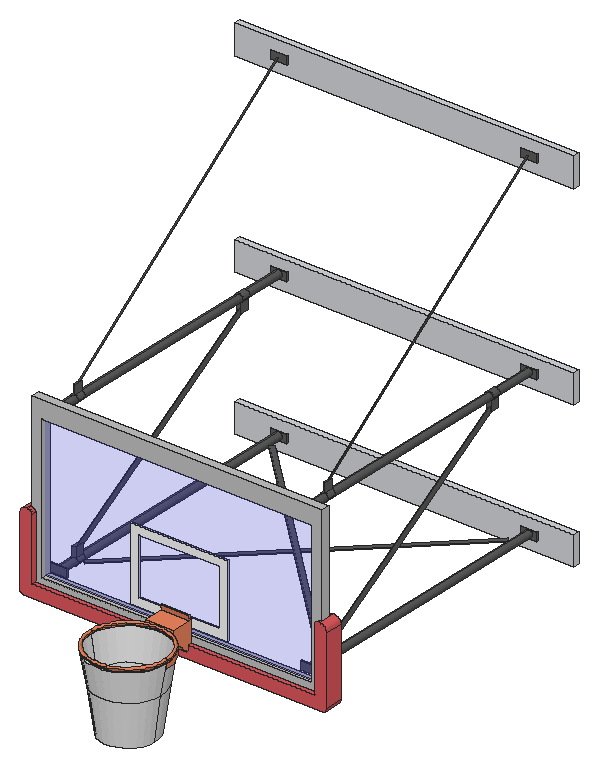
Revit family "Gymnasium-Eqpt_Basketball_IPIbyBison_IP10WB", category Specialty Equipment, Revit 2023
Family settings
  Round Connector Dimension = Use Diameter
  Part Type = Normal
  Work Plane-Based = Yes
  Enable Cutting in Views = No
  Always vertical = No
  Cut with Voids When Loaded = No
  Maintain Annotation Orientation = No
  Shared = No
  Room Calculation Point = No
Parameters (values of type "Wall Mounted Stationary")
  wall distance text = "1 to 10 ft from Wall"
  cablecontrol [instance] = 0' - 8"  # constant formula
  Warranty Duration (Years) = 0
  Unit Width = 7' - 0"
  Unit Height [instance] = Stringer Height_First + 0' 2"  # 10' - 0"
  Unit Depth = 2' - 8"
  URL = "https://ipibybison.com/"
  Stringer Wood [instance] = none
  Stringer Height_Third [instance] = 4' - 0"
  Stringer Height_Second [instance] = 3' - 0"
  Stringer Height_First [instance] = 9' - 10"
  Specification = ""
  SpecWizard = ""
  Send Message = ""
  Sales Information = "https://ipibybison.com/ArchitectsPage.php"
  Rim Color [instance] = Plastic - IPI by Bison - Orange OR
  Revision = "R1_01-2018"
  Range of Wall Distance [instance] = wall distance text  # "1 to 10 ft from Wall"
  Product Properties = ""
  Product Data = "http://www.arcat.com/arcatcos/cos49/arc49571.html"
  Net Color [instance] = Finish - IPI by Bison - White Netting
  Model = "IP10WB"
  Manufacturer Website = "https://ipibybison.com/"
  Manufacturer Phone - Toll Free = "800-637-7968"
  Manufacturer Phone = ""
  Manufacturer Fax = "800-638-0698"
  Manufacturer Address = "603 L St  Lincoln, NE 68508"
  Manufacturer = "IPI by Bison"
  Maintenance Schedule (Months) = 0
  Keynote = ""
  Installation-Fabrication = ""
  Installation Phase = ""
  Green Building-LEED = ""
  Glass [instance] = Glass
  Frame Finish [instance] = Finish - IPI by Bison - Black
  ExtReinforce [instance] = Backboard Distance from Wall > 2' 0"  # yes
  Expected Lifespan (Years) = 0
  Drawn By = "Sumex Design, Inc. / Robert S. Weygant, CSI, CDT, SCIP"
  Description = "IPI by Bison Wall Mounted Fixed Basketball Backboard - IP10WB as Specified"
  Default Elevation = 0' - 0"
  Copyright = "©Arcat Inc."
  Construction Details = ""
  Backboard Square Color [instance] = Finish - IPI by Bison - White
  Backboard Padding Color [instance] = Plastic - IPI by Bison - Scarlet SC
  Backboard Distance from Wall [instance] = 6' - 0"
  Backboard Color [instance] = Finish - IPI by Bison - Satin Aluminum
  Assembly Code = ""
Reference planes (in)
  plane 1 "Center (Front/Back)": y = 0
  plane 2 "Bottom": z = 0
  plane 3 "Center (Left/Right)": x = 0
  plane 4 "Left": x = -42
  plane 5 "Right": x = 42
  plane 6 "Top": z = 120
  plane 7: y = -72
  plane 8: y = -59.5813
  plane 9: z = 118
  plane 10: z = 154
  plane 11: z = 202
  plane 12: x = -31.00488
  plane 13: x = 31.00488
  plane 14: y = -69.5
  plane 15: y = -64
  plane 16: y = -6
Forms (in)
  Extrusion 1, solid, material <- "Stringer Wood"
    sketch origin (0, 0, 0) x (0, 1, 0) y (0, 0, 1)
      loop
        line (0, 198.375) -> (0, 205.625) -> (-1.5, 205.625) -> (-1.5, 198.375) -> (0, 198.375)
      loop
        line (0, 150.375) -> (0, 157.625) -> (-1.5, 157.625) -> (-1.5, 150.375) -> (0, 150.375)
      loop
        line (0, 114.375) -> (0, 121.625) -> (-1.5, 121.625) -> (-1.5, 114.375) -> (0, 114.375)
    from -42 to 42
  Extrusion 2, solid, material "Finish - IPI by Bison - Black" <- "Frame Finish"
    sketch origin (-31.00488, -180, 220.71867) x (0, 0, 1) y (0, -1, 0)
      loop
        line (-67.71867, -110.25) -> (-67.71867, -110.5) -> (-65.71867, -110.5) -> (-65.71867, -110.25) -> (-67.71867, -110.25)
      loop
        line (-101.71867, -110.25) -> (-103.71867, -110.25) -> (-103.71867, -110.5) -> (-101.71867, -110.5) -> (-101.71867, -110.25)
      loop
        line (-67.71867, -178.5) -> (-65.71867, -178.5) -> (-65.71867, -178.25) -> (-67.71867, -178.25) -> (-67.71867, -178.5)
      loop
        line (-103.71867, -178.5) -> (-101.71867, -178.5) -> (-101.71867, -178.25) -> (-103.71867, -178.25) -> (-103.71867, -178.5)
      loop
        line (-19.71867, -178.5) -> (-17.71867, -178.5) -> (-17.71867, -178.25) -> (-19.71867, -178.25) -> (-19.71867, -178.5)
    from 2 to -2
  Extrusion 3, solid, material "Finish - IPI by Bison - Black" <- "Frame Finish"
    sketch origin (31.00488, -180, 220.71867) x (0, 0, 1) y (0, -1, 0)
      loop
        line (-65.71867, -110.25) -> (-67.71867, -110.25) -> (-67.71867, -110.5) -> (-65.71867, -110.5) -> (-65.71867, -110.25)
      loop
        line (-103.71867, -110.25) -> (-103.71867, -110.5) -> (-101.71867, -110.5) -> (-101.71867, -110.25) -> (-103.71867, -110.25)
      loop
        line (-103.71867, -178.25) -> (-103.71867, -178.5) -> (-101.71867, -178.5) -> (-101.71867, -178.25) -> (-103.71867, -178.25)
      loop
        line (-67.71867, -178.25) -> (-67.71867, -178.5) -> (-65.71867, -178.5) -> (-65.71867, -178.25) -> (-67.71867, -178.25)
      loop
        line (-19.71867, -178.25) -> (-19.71867, -178.5) -> (-17.71867, -178.5) -> (-17.71867, -178.25) -> (-19.71867, -178.25)
    from 2 to -2
  Extrusion 4, solid, material "Finish - IPI by Bison - Black" <- "Frame Finish"
    sketch origin (31.00488, -1.75, 153) x (0, 0, 1) y (-1, 0, 0)
      loop
        circle (1, 62.00977) r 0.875
      loop
        circle (-35, 62.00977) r 0.875
      loop
        circle (1, 0) r 0.875
      loop
        circle (-35, 0) r 0.875
    from 0 to 67.75
  Extrusion 5, solid, material "Finish - IPI by Bison - Black" <- "Frame Finish"
    sketch origin (0, -64, 159.04229) x (0, 0, 1) y (1, 0, 0)
      loop
        line (-4.05404, 30.85203) -> (-1.80404, 30.85203) -> (-1.80404, 31.15773) -> (-4.05404, 31.15773)
        arc (-4.05404, 31.15773) -> (-6.04229, 31.00488) -> (-4.05404, 30.85203) r 1
      loop
        arc (-4.05404, -30.85203) -> (-6.04229, -31.00488) -> (-4.05404, -31.15773) r 1
        line (-4.05404, -31.15773) -> (-1.80404, -31.15773) -> (-1.80404, -30.85203) -> (-4.05404, -30.85203)
    from 1 to -1
  Sweep 6, solid, material "Finish - IPI by Bison - Black" <- "Frame Finish"
    path origin (0, 0, 0) x (0, 1, 0) y (0, 0, 1)
      loop
        line (-64, 156.75) -> (-2.09969, 202)
    profile origin (0, -33.04984, 179.375) x (0, -0.590145, 0.807297) y (1, 0, 0)
      loop
        circle (0, -31.00488) r 0.125
      loop
        circle (0, 31.00488) r 0.125
  Extrusion 7, solid, material "Finish - IPI by Bison - Black" <- "Frame Finish", visible <- "ExtReinforce"
    sketch origin (0, -64, 159.04229) x (0, 0, 1) y (1, 0, 0)
      loop
        arc (-40.23514, -30.41453) -> (-42.04229, -31.00488) -> (-40.23514, -31.59523) r 1
        line (-40.23514, -31.59523) -> (-37.80404, -31.59523) -> (-37.80404, -30.41453) -> (-40.23514, -30.41453)
      loop
        line (-40.23514, 30.41453) -> (-37.80404, 30.41453) -> (-37.80404, 31.59523) -> (-40.23514, 31.59523)
        arc (-40.23514, 31.59523) -> (-42.04229, 31.00488) -> (-40.23514, 30.41453) r 1
    from 1 to -1
  Extrusion 8, solid, material "Finish - IPI by Bison - Black" <- "Frame Finish", visible <- "ExtReinforce"
    sketch origin (0, 0, 0) x (1, 0, 0) y (0, 0, 1)
      loop
        line (30.41453, 153.19285) -> (30.41453, 150.76175) -> (31.59523, 150.76175) -> (31.59523, 153.19285)
        arc (31.59523, 153.19285) -> (31.00488, 155) -> (30.41453, 153.19285) r 1
      loop
        arc (-30.41453, 153.19285) -> (-31.00488, 155) -> (-31.59523, 153.19285) r 1
        line (-31.59523, 153.19285) -> (-31.59523, 150.76175) -> (-30.41453, 150.76175) -> (-30.41453, 153.19285)
    from 14 to 12
  Sweep 9, solid, material "Finish - IPI by Bison - Black" <- "Frame Finish", visible <- "ExtReinforce"
    path origin (0, 0, 0) x (0, 1, 0) y (0, 0, 1)
      loop
        line (-64, 120.25) -> (-13.02507, 151.44784)
    profile origin (0, -38.51254, 135.84892) x (0, -0.522016, 0.852935) y (1, 0, 0)
      loop
        line (-0.625, 31.13152) -> (-0.625, 30.88152) -> (0.625, 30.88152) -> (0.625, 31.13152) -> (-0.625, 31.13152)
      loop
        line (-0.625, -31.13152) -> (0.625, -31.13152) -> (0.625, -30.88152) -> (-0.625, -30.88152) -> (-0.625, -31.13152)
  Sweep 10, solid, material "Finish - IPI by Bison - Black" <- "Frame Finish", visible <- "ExtReinforce"
    path origin (0, 0, 0) x (1, 0, 0) y (0, 1, 0)
      loop
        line (-29.25488, -6) -> (29.256, -64)
    profile origin (0.00056, -35, 0) x (0.703999, 0.710201, 0) y (0, 0, 1)
      loop
        line (-0.625, 118) -> (0.625, 118) -> (0.625, 118.25) -> (-0.625, 118.25) -> (-0.625, 118)
  Sweep 11, solid, material "Finish - IPI by Bison - Black" <- "Frame Finish", visible <- "ExtReinforce"
    path origin (0, 0, 0) x (-1, 0, 0) y (0, 1, 0)
      loop
        line (-29.25488, -6) -> (29.256, -64)
    profile origin (-0.00056, -35, 0) x (0.703999, -0.710201, 0) y (0, 0, 1)
      loop
        line (-0.65618, 118) -> (-0.65618, 117.75) -> (0.59382, 117.75) -> (0.59382, 118) -> (-0.65618, 118)
Dimensions and locks (in)
  equal spacing: plane 4 "Left", plane 3 "Center (Left/Right)", plane 5 "Right"
  "Unit Width": plane 4 "Left" to plane 5 "Right"
  "Unit Height": plane 6 "Top" to level
  locked: plane 7 to plane 8 at 12.4187
  "Backboard Distance from Wall": plane 7 to plane 1 "Center (Front/Back)"
  "Stringer Height_First": plane 9 to level
  "Stringer Height_Second": plane 10 to plane 9
  "Stringer Height_Third": plane 11 to plane 10
  Extrusion 1 sketch curve to plane 9 to Extrusion 1 sketch curve = 0' - 3 5/8" locked, 0' - 3 5/8" locked
  Extrusion 1 sketch curve to plane 10 to Extrusion 1 sketch curve = 0' - 3 5/8" locked, 0' - 3 5/8" locked
  Extrusion 1 sketch curve to plane 11 to Extrusion 1 sketch curve = 0' - 3 5/8" locked, 0' - 3 5/8" locked
  Extrusion 2 sketch curve to plane 10 to Extrusion 2 sketch curve = 0' - 1" locked, 0' - 1" locked  (x2)
  plane 7 to Extrusion 2 sketch curve to Extrusion 2 sketch curve = 0' - 2 1/4" locked, 0' - 0 1/4" locked  (x2)
  Extrusion 2 sketch curve to plane 9 to Extrusion 2 sketch curve = 0' - 1" locked, 0' - 1" locked  (x2)
  Extrusion 2 sketch curve to plane 11 to Extrusion 2 sketch curve = 0' - 1" locked, 0' - 1" locked
  equal spacing: plane 13, plane 3 "Center (Left/Right)", plane 12
  locked: plane 13 to plane 12 at 62.00977
  locked: Extrusion 3 sketch curve to Extrusion 3 sketch curve at 0.25  (x5)
  Extrusion 3 sketch curve to plane 10 to Extrusion 3 sketch curve = 0' - 1" locked, 0' - 1" locked  (x2)
  Extrusion 3 sketch curve to plane 9 to Extrusion 3 sketch curve = 0' - 1" locked, 0' - 1" locked  (x2)
  locked: plane 7 to Extrusion 3 sketch curve at 2.25  (x2)
  Extrusion 3 sketch curve to plane 11 to Extrusion 3 sketch curve = 0' - 1" locked, 0' - 1" locked
  locked: Extrusion 4 sketch curve to plane 12 at 0
  locked: Extrusion 4 sketch curve to plane 10 at 0
  locked: plane 12 to Extrusion 4 sketch curve at 0
  locked: plane 9 to Extrusion 4 sketch curve at 0  (x2)
  locked: plane 13 to Extrusion 4 sketch curve at 0
  locked: Extrusion 4 sketch curve to plane 13 at 0
  locked: plane 10 to Extrusion 4 sketch curve at 0
  locked: plane 7 to plane 14 at 2.5
  "cablecontrol": plane 7 to plane 15
  Extrusion 5 sketch curve to plane 13 to Extrusion 5 sketch curve to Extrusion 5 sketch curve = 0' - 0.15285" locked, 0' - 0" locked, 0' - 0.15285" locked
  Extrusion 5 sketch curve to plane 12 to Extrusion 5 sketch curve to Extrusion 5 sketch curve = 0' - 0.15285" locked, 0' - 0" locked, 0' - 0.15285" locked
  Extrusion 5 sketch curve to plane 10 to Extrusion 5 sketch curve = 0' - 3.23825" locked, 0' - 0" locked  (x2)
  locked: Sweep 6 sketch curve to plane 1 "Center (Front/Back)" at 2.09969
  locked: plane 11 to Sweep 6 sketch curve at 0
  locked: Sweep 6 sketch curve to plane 10 at 2.75
  locked: plane 15 to Sweep 6 sketch curve
  Extrusion 7 sketch curve to plane 9 to Extrusion 7 sketch curve = 0' - 3.23825" locked, 0' - 0" locked  (x2)
  Extrusion 7 sketch curve to plane 12 to Extrusion 7 sketch curve to Extrusion 7 sketch curve = 0' - 0.59035" locked, 0' - 0" locked, 0' - 0.59035" locked
  Extrusion 7 sketch curve to plane 13 to Extrusion 7 sketch curve to Extrusion 7 sketch curve = 0' - 0.59035" locked, 0' - 0" locked, 0' - 0.59035" locked
  plane 10 to Extrusion 8 sketch curve to Extrusion 8 sketch curve = 0' - 0" locked, 0' - 3.23825" locked  (x2)
  locked: plane 10 to Sweep 9 sketch curve at 2.55216
  locked: Sweep 9 sketch curve to plane 1 "Center (Front/Back)" at 13.02507
  locked: plane 15 to Sweep 9 sketch curve at 0
  locked: Sweep 9 sketch curve to plane 9 at 2.25
  locked: Extrusion 3 sketch curve to plane 1 "Center (Front/Back)" at 1.5
  locked: plane 16 to plane 1 "Center (Front/Back)" at 6
  locked: plane 12 to Sweep 10 sketch curve at 1.75
  locked: Sweep 10 sketch curve to plane 13 at 1.74888
  Sweep 10 sketch curve to plane 9 to Sweep 10 sketch curve = 0' - 0 1/4" locked, 0' - 0" locked
  locked: Sweep 11 sketch curve to plane 13 at 1.75
  locked: plane 12 to Sweep 11 sketch curve at 1.74888
  plane 9 to Sweep 11 sketch curve to Sweep 11 sketch curve = 0' - 0" locked, 0' - 0 1/4" locked
  aligned and locked: nested 1 to plane 8
  aligned and locked: Extrusion 1 to plane 4 "Left"
  aligned and locked: plane 5 "Right" to Extrusion 1
  aligned and locked: plane 14 to Extrusion 4
  aligned and locked: plane 16 to Sweep 10 sketch curve
  aligned and locked: plane 15 to Sweep 10 sketch curve
  aligned and locked: plane 16 to Sweep 11 sketch curve
  aligned and locked: plane 15 to Sweep 11 sketch curve
Automatic sketch dimensions
  plane 10 to Extrusion 5 sketch curve = 0' - 0.98825"  (x2)
  Sweep 6 sketch curve to profile plane = 0' - 0"  (x2)
  Sweep 6 sketch curve to plane 3 "Center (Left/Right)" = 2' - 7.00488"
  plane 3 "Center (Left/Right)" to Sweep 6 sketch curve = 2' - 7.00488"
  plane 9 to Extrusion 7 sketch curve = 0' - 0.80715"  (x2)
  Extrusion 8 sketch curve to plane 12 = 0' - 0"
  Extrusion 8 sketch curve to plane 13 = 0' - 0"
  Extrusion 8 sketch curve to plane 12 = 0' - 0.59035"
  plane 12 to Extrusion 8 sketch curve = 0' - 0.59035"
  Extrusion 8 sketch curve to plane 13 = 0' - 0.59035"
  plane 13 to Extrusion 8 sketch curve = 0' - 0.59035"
  Extrusion 8 sketch curve to plane 10 = 0' - 0.80715"  (x2)
  profile plane to Sweep 9 sketch curve = 0' - 0 5/8"  (x2)
  Sweep 9 sketch curve to profile plane = 0' - 0 5/8"  (x2)
  Sweep 9 sketch curve to plane 3 "Center (Left/Right)" = 2' - 7.13152"
  Sweep 9 sketch curve to Sweep 9 sketch curve = 0' - 0 1/4"  (x2)
  plane 3 "Center (Left/Right)" to Sweep 9 sketch curve = 2' - 6.88152"
  profile plane to Sweep 10 sketch curve = 0' - 0 5/8"
  Sweep 10 sketch curve to profile plane = 0' - 0 5/8"
  Extrusion 1 sketch curve to plane 1 "Center (Front/Back)" = 0' - 0"  (x3)
  plane 1 "Center (Front/Back)" to Extrusion 1 sketch curve = 0' - 1 1/2"  (x3)
  plane 1 "Center (Front/Back)" to Extrusion 2 sketch curve = 0' - 1 3/4"  (x3)
  Extrusion 2 sketch curve to Extrusion 2 sketch curve = 0' - 0 1/4"  (x3)
  plane 1 "Center (Front/Back)" to Extrusion 3 sketch curve = 0' - 1 1/2"  (x2)
  Sweep 11 sketch curve to Sweep 11 sketch curve = 0' - 1 1/4"
  profile plane to Sweep 11 sketch curve = 0' - 0.65618"
  radius of Sweep 6 sketch curve = 0' - 0 1/8"  (x2)
  radius of Extrusion 4 sketch curve = 0' - 0 7/8"  (x4)
Nested families (in)
  nested 1: "Backboard_BA42XLGlass" at (0, -59.5813, 120) x (-1, 0, 0) z (0, 0, 1), backboard color <- "Backboard Color", backboard square color <- "Backboard Square Color", glass <- "Glass", rim finish <- "Rim Color", net color <- "Net Color", height offset <- "Unit Height", padding color <- "Backboard Padding Color", type "Backboard_BA42XLGlass"
    with rim finish Plastic - IPI by Bison - Orange OR, padding color Plastic - IPI by Bison - Scarlet SC, net color Finish - IPI by Bison - White Netting, height offset 10' - 0", glass Glass, frame finish none, backboard square color Finish - IPI by Bison - White, backboard color Finish - IPI by Bison - Satin Aluminum
Definition of nested family "Backboard_BA42XLGlass"
  Parameters (values of type "Backboard_BA42XLGlass")
    padding color [instance] = none
    net color [instance] = none
    rim finish [instance] = none
    height offset [instance] = 9' - 6"
    glass [instance] = none
    frame finish [instance] = none
    backboard square color [instance] = none
    backboard color [instance] = none
    Default Elevation = 4' - 0"
  Reference planes (in)
    plane 1 "Center (Front/Back)": y = 0
    plane 2: z = 0
    plane 3 "Center (Left/Right)": x = 0
    plane 4: z = -114
  Forms (in)
    Extrusion 1, solid, material <- "backboard color"
      sketch origin (-8.43545, 11.2937, 28.94441) x (1, 0, 0) y (0, 0, 1)
        loop
          line (-27.56455, 6.99989) -> (-27.56455, -35.00011) -> (44.43545, -35.00011) -> (44.43545, 6.99989) -> (-27.56455, 6.99989)
        loop
          line (41.81045, 2.74989) -> (-24.93955, 2.74989) -> (-24.93955, -32.37511) -> (41.81045, -32.37511) -> (41.81045, 2.74989)
      from 1.125 to -1.125
    Extrusion 2, solid, material <- "padding color"
      sketch origin (-8.43545, 11.2937, 29.06941) x (1, 0, 0) y (0, 0, 1)
        loop
          line (-27.55038, -17.62511) -> (-27.80038, -17.62511)
          arc (-27.80038, -17.62511) -> (-29.03781, -18.13767) -> (-29.55038, -19.37511) r 1.75
          line (-29.55038, -19.37511) -> (-29.55038, -36.12511)
          arc (-29.55038, -36.12511) -> (-29.25748, -36.83222) -> (-28.55038, -37.12511) r 1
          line (-28.55038, -37.12511) -> (45.44962, -37.12511)
          arc (45.44962, -37.12511) -> (46.15673, -36.83222) -> (46.44962, -36.12511) r 1
          line (46.44962, -36.12511) -> (46.44962, -19.37511)
          arc (46.44962, -19.37511) -> (45.93706, -18.13767) -> (44.69962, -17.62511) r 1.75
          line (44.69962, -17.62511) -> (44.42127, -17.62511)
          arc (44.42127, -17.62511) -> (43.71416, -17.918) -> (43.42127, -18.62511) r 1
          line (43.42127, -18.62511) -> (43.42127, -33.98376) -> (-26.55038, -33.98376) -> (-26.55038, -18.62511)
          arc (-26.55038, -18.62511) -> (-26.84327, -17.918) -> (-27.55038, -17.62511) r 1
      from -2.18697 to 2.14819
    Revolve 3, solid, material <- "net color"
      sketch origin (-8.43545, 27.4812, 28.93687) x (1, 0, 0) y (0, 0, 1)
        loop
          circle (-0.85808, -29.24642) r 0.3125
        loop
          line (-1.03195, -29.9762) -> (0.27041, -37.36226) -> (1.80132, -48.25521) -> (2.05377, -48.25521) -> (0.51737, -37.32314) -> (-0.77809, -29.9762) -> (-1.03195, -29.9762)
        axis (8.43545, -48.25521) -> (8.43545, -29.24642)
      angle from 0 to 360
    Revolve 4, solid, material <- "rim finish"
      sketch origin (0.02792, 11.2937, 0) x (0, 1, 0) y (0, 0, 1)
        loop
          line (6.79001, -0.625) -> (6.54001, -0.625) -> (6.54001, -2.125) -> (6.79001, -2.125) -> (6.79001, -0.625)
        axis (16.04001, -2.125) -> (16.04001, -0.625)
      angle from -90 to 90
    Extrusion 5, solid, material <- "rim finish"
      sketch origin (0, 0, 0) x (0, 1, 0) y (0, 0, 1)
        loop
          line (17.69724, 0) -> (12.8212, 0) -> (13.12361, 1.21287) -> (12.79369, 1.29513) -> (12.47078, 0) -> (12.47078, -6.5) -> (13.63137, -6.5) -> (17.69724, -2.43414) -> (17.69724, 0)
      from -3.50075 to 3.49925
    Extrusion 6, solid, material <- "backboard square color"
      sketch origin (0.02792, 11.2937, 0) x (1, 0, 0) y (0, 0, 1)
        loop
          line (-12.02792, 16.0023) -> (-12.02792, -1.9977) -> (11.97208, -1.9977) -> (11.97208, 16.0023) -> (-12.02792, 16.0023)
        loop
          line (-10.02792, 14.0023) -> (-10.02792, 0) -> (9.97208, 0) -> (9.97208, 14.0023) -> (-10.02792, 14.0023)
      from -0.44333 to 0.05679
    Extrusion 7, solid, material <- "glass"
      sketch origin (0.02792, 11.2937, 0) x (1, 0, 0) y (0, 0, 1)
        loop
          line (-33.40292, 31.6943) -> (-33.40292, -3.4307) -> (33.34708, -3.4307) -> (33.34708, 31.6943) -> (-33.40292, 31.6943)
      from -0.405 to 0
  Lines and regions (in)
    model lines
      curve 1: line (-0.00075, 0, 0) -> (-0.00075, 0, -114)
  Dimensions and locks (in)
    "height offset": level to plane 4
    aligned and locked: plane 2 to level
    aligned and locked: plane 4 to curve 1
  Automatic sketch dimensions
    curve 1 to level = 0' - 0"
    curve 1 to plane 3 "Center (Left/Right)" = 0' - 0.00075"
    Extrusion 1 sketch curve to plane 3 "Center (Left/Right)" = 3' - 0"
    Extrusion 1 sketch curve to Extrusion 1 sketch curve = 0' - 2 5/8"  (x2)
    plane 3 "Center (Left/Right)" to Extrusion 1 sketch curve = 2' - 9 3/8"
    Extrusion 1 sketch curve to level = 0' - 6.0557"
    Extrusion 1 sketch curve to level = 0' - 3.4307"
    level to Extrusion 1 sketch curve = 2' - 7.6943"
    Extrusion 1 sketch curve to Extrusion 1 sketch curve = 0' - 4 1/4"
    level to Extrusion 2 sketch curve = 0' - 9.6943"
    Extrusion 2 sketch curve to plane 3 "Center (Left/Right)" = 3' - 1.98582"
    Extrusion 2 sketch curve to Extrusion 2 sketch curve = 0' - 1"  (x4)
    Extrusion 2 sketch curve to Extrusion 2 sketch curve = 0' - 1 3/4"
    Extrusion 2 sketch curve to Extrusion 2 sketch curve = 0' - 0 1/4"
    level to Extrusion 2 sketch curve = 0' - 10.4443"
    plane 3 "Center (Left/Right)" to Extrusion 2 sketch curve = 2' - 10.98582"
    Extrusion 2 sketch curve to Extrusion 2 sketch curve = 0' - 0.27835"
    Extrusion 2 sketch curve to Extrusion 2 sketch curve = 0' - 2.02835"
    Extrusion 2 sketch curve to level = 0' - 4.91435"
    Extrusion 2 sketch curve to Extrusion 2 sketch curve = 0' - 2.14135"
    Revolve 3 sketch curve to plane 3 "Center (Left/Right)" = 0' - 0"
    Revolve 3 sketch curve to plane 3 "Center (Left/Right)" = 0' - 6.38167"
    Revolve 3 sketch curve to Revolve 3 sketch curve = 0' - 0.25246"
    Revolve 3 sketch curve to plane 3 "Center (Left/Right)" = 0' - 7.91808"
    Revolve 3 sketch curve to Revolve 3 sketch curve = 0' - 0.24696"
    Revolve 3 sketch curve to level = 0' - 1.03933"
    Revolve 3 sketch curve to Revolve 3 sketch curve = 0' - 1.0485"
    Revolve 3 sketch curve to level = 0' - 0.30954"
    Revolve 3 sketch curve to Revolve 3 sketch curve = 0' - 0.07999"
    Revolve 3 sketch curve to Revolve 3 sketch curve = 0' - 0.25386"
    Revolve 3 sketch curve to Revolve 3 sketch curve = 0' - 7.34694"
    Revolve 3 sketch curve to Revolve 3 sketch curve = 0' - 0.03911"
    Revolve 3 sketch curve to Revolve 3 sketch curve = 0' - 10.89295"
    Revolve 3 sketch curve to level = 0' - 0.00754"
    level to Revolve 3 sketch curve = 0' - 2.99246"
    Revolve 4 sketch curve to level = 0' - 2 1/8"
    Revolve 4 sketch curve to plane 1 "Center (Front/Back)" = 1' - 5.83371"
    Revolve 4 sketch curve to Revolve 4 sketch curve = 0' - 0 1/4"
    Revolve 4 sketch curve to level = 0' - 0 5/8"  (x2)
    Revolve 4 sketch curve to Revolve 4 sketch curve = 0' - 9 1/4"
    level to Revolve 4 sketch curve = 0' - 3 1/8"
    Extrusion 5 sketch curve to level = 0' - 0"  (x2)
    Extrusion 5 sketch curve to plane 1 "Center (Front/Back)" = 1' - 0.47078"
    level to Extrusion 5 sketch curve = 0' - 1.29513"
    Extrusion 5 sketch curve to Extrusion 5 sketch curve = 0' - 0.32291"
    Extrusion 5 sketch curve to Extrusion 5 sketch curve = 0' - 0.35043"
    Extrusion 5 sketch curve to Extrusion 5 sketch curve = 0' - 1.16059"
    Extrusion 5 sketch curve to Extrusion 5 sketch curve = 0' - 4.57363"
    Extrusion 5 sketch curve to Extrusion 5 sketch curve = 0' - 2.43414"
    Extrusion 5 sketch curve to Extrusion 5 sketch curve = 0' - 6 1/2"
    Extrusion 6 sketch curve to level = 0' - 0"
    Extrusion 6 sketch curve to level = 0' - 1.9977"
    Extrusion 6 sketch curve to plane 3 "Center (Left/Right)" = 1' - 0"
    Extrusion 6 sketch curve to Extrusion 6 sketch curve = 0' - 2"  (x3)
    plane 3 "Center (Left/Right)" to Extrusion 6 sketch curve = 0' - 10"
    Extrusion 6 sketch curve to Extrusion 6 sketch curve = 1' - 2.0023"
    Extrusion 7 sketch curve to plane 3 "Center (Left/Right)" = 2' - 9 3/8"
    Extrusion 7 sketch curve to level = 0' - 3.4307"
    plane 3 "Center (Left/Right)" to Extrusion 7 sketch curve = 2' - 9 3/8"
    level to Extrusion 7 sketch curve = 2' - 7.6943"
    radius of Revolve 3 sketch curve = 0' - 0 5/16"
